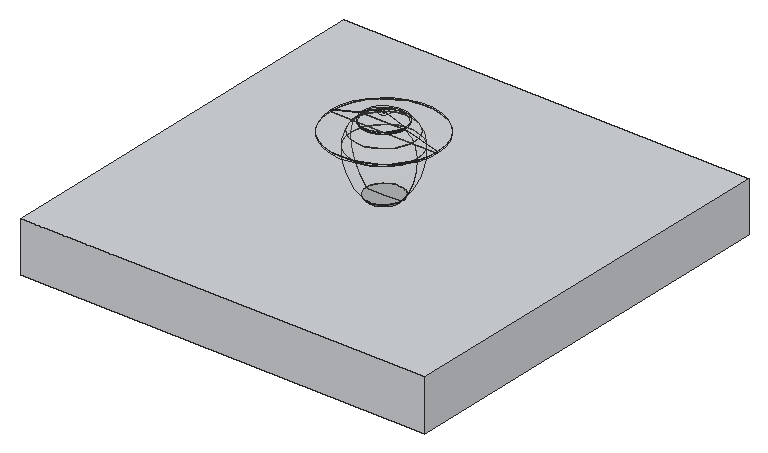
Revit family "GALAD Дон Кихот LED", category Осветительные приборы, Revit 2018
Family settings
  Основа = Грань
  Размер круглого соединителя = Использовать диаметр
  Тип детали = Нормальный
  При загрузке вырезать с полостями = Нет
  Источник света = Да
  Общий = Нет
  Точка расчета площади = Нет
Parameters
  built-in parameter 1150104 = 13.8 (stored number, unit not read)
  Частота = "50"  # constant formula
  Цветопередача = 80  # constant formula
  built-in parameter 1150134 = 2
  Файл фотометрической сетки = "GALAD DonKihot(3700-750-RAL7040-D-0-GEN1).ies"
  Угол наклона = 90.00°
  Тип устройства управления светодиодами = "Без управления"  # constant formula
  Тип продукции = "Светильник"  # constant formula
  Тип монтажной поверхности = "Торшер"  # constant formula
  Тип источника света = "LED"  # constant formula
  Тип ПРА = "ЭПРА"  # constant formula
  Тип КСС = 0  # constant formula
  Срок службы = "12 лет"  # constant formula
  built-in parameter 1150137 = (empty or 0)
  built-in parameter 1150132 = 2
  built-in parameter 1150114 = 1 (stored number, unit not read)
  Снижение светового потока во время разгорания = "не более 6%"  # constant formula
  Dimming Lamp Color Temperature Shift = (empty or 0)
  built-in parameter 1150105 = 85.285 (stored number, unit not read)
  Color Filter = 16777215
  Lumens = 3700 lm
  Световая отдача = 93  # constant formula
  Рассеиватель [instance] = Ударопрочный поликарбонат
  built-in parameter 1150109 = 1 (stored number, unit not read)
  built-in parameter 1150112 = 1 (stored number, unit not read)
  built-in parameter 1150110 = 1 (stored number, unit not read)
  built-in parameter 1150113 = 1 (stored number, unit not read)
  built-in parameter 1150115 = 1 (stored number, unit not read)
  built-in parameter 1114218 = 1 (stored number, unit not read)
  built-in parameter 1114217 = 1 (stored number, unit not read)
  Apparent Load = ADSK_Номинальная мощность / ADSK_Коэффициент мощности  # 41.6667 VA
  Default Elevation = 0 mm
  built-in parameter 1150106 = 0.85285 (stored number, unit not read)
  Описание = "Классическая, привычная всем, форма светильника в современном светодиодном исполнении. Такие светильники освещают парки, скверы, бульвары, а иногда даже и улицы каждого российского города. Цельнолитое основание обеспечивает оптимальный теплоотвод, а антивандальный рассеиватель из ударопрочного светостабилизированного поликарбоната лучше сохраняет свой внешний вид и оптические свойства, по сравнению с обычным поликарбонатом."
  Область использования = "Садово-парковое освещение"  # constant formula
  built-in parameter 1150142 = "IESNA:LM-63-1995\r\n[TEST] Протокол №389R/15\r\n[DATA] 22.12.2015\r\n[MORE] Измерение ИЦ ВНИСИ, гониофотометр RIGO-801, ДРА \r\n[MANUFAC] GALAD \r\n[LUMCAT]  \r\n[LUMINAIRE] GALAD Дон Кихот LED-40-С??/Т60 (3700/750/RAL7040/D/0/GEN1)\r\n[LAMPCAT]\r\n[LAMP] СД  41 Вт\r\nTILT=NONE\r\n1    3700 3.7 73 1 1 2 0.65 0.65 0.456\r\n1.0 1.0 41\r\n0.0 2.5 5.0 7.5 10.0 12.5 15.0 17.5 20.0 22.5 25.0 27.5 30.0 32.5 35.0 37.5 40.0 42.5 45.0 47.5 50.0 52.5 55.0 57.5 60.0 62.5 65.0 67.5 70.0 72.5 75.0 77.5 80.0 82.5 85.0 87.5 90.0 92.5 95.0 97.5 100.0 102.5 105.0 107.5 110.0 112.5 115.0 117.5 120.0 122.5 125.0 127.5 130.0 132.5 135.0 137.5 140.0 142.5 145.0 147.5 150.0 152.5 155.0 157.5 160.0 162.5 165.0 167.5 170.0 172.5 175.0 177.5 180.0\r\n0.0\r\n78.0 77.8 83.6 90.0 97.3 104.6 110.5 114.3 116.3 117.7 118.8 119.7 120.6 121.3 122.0 122.9 124.0 125.0 125.9 126.8 127.5 128.0 128.4 128.6 128.4 128.0 127.1 125.7 123.7 120.9 117.5 113.7 109.6 105.8 102.2 98.3 93.5 89.3 85.6 81.8 77.6 72.9 68.5 64.3 59.7 54.6 49.8 45.3 40.6 35.5 30.7 26.3 21.8 17.1 12.8 9.1 5.8 2.8 0.8 0.1 0.0 0.0 0.0 0.0 0.0 0.0 0.0 0.0 0.0 0.0 0.0 0.0 0.0\r\n78.0 77.8 83.6 90.0 97.3 104.6 110.5 114.3 116.3 117.7 118.8 119.7 120.6 121.3 122.0 122.9 124.0 125.0 125.9 126.8 127.5 128.0 128.4 128.6 128.4 128.0 127.1 125.7 123.7 120.9 117.5 113.7 109.6 105.8 102.2 98.3 93.5 89.3 85.6 81.8 77.6 72.9 68.5 64.3 59.7 54.6 49.8 45.3 40.6 35.5 30.7 26.3 21.8 17.1 12.8 9.1 5.8 2.8 0.8 0.1 0.0 0.0 0.0 0.0 0.0 0.0 0.0 0.0 0.0 0.0 0.0 0.0 0.0\r\n"
  built-in parameter 1150133 = 10 (stored number, unit not read)
  Wattage = 24.9088 W
  Коэффициент пульсации = "менее 10%"  # constant formula
  built-in parameter 1150139 = (empty or 0)
  Корпус [instance] = Литой алюминий
  Код по ETIM = 0
  Климатическое исполнение = " -40…40 °С"  # constant formula
  Климатическая зона = "У1"  # constant formula
  Класс светораспределения = "Р"  # constant formula
  Класс защиты от поражения электрическим током = "1"  # constant formula
  Класс Защиты = "1"  # constant formula
  built-in parameter 1150138 = (empty or 0)
  built-in parameter 1150107 = 5000 (stored number, unit not read)
  built-in parameter 1150102 = (empty or 0)
  Изготовитель = "Лихославльский завод Светотехника"  # constant formula
  Диапазон цветовой температуры = "5028±283"  # constant formula
  Группа модели = "Светильники"  # constant formula
  Возможный угол наклона = "0"  # constant formula
  Блок аварийного питания = 1 = 0  # no
  URL = "https://galad.ru/catalog/outdoor/park/don-kihot-led/"
  IP = "54"  # constant formula
  ADSK_Энергоэффективность = 93 lm/W  # constant formula
  ADSK_Ток = ADSK_Номинальная мощность / (ADSK_Коэффициент мощности * ADSK_Напряжение * sqrt(ADSK_Количество фаз))  # 0.181159 A
  ADSK_Размер_Ширина = 650 mm  # constant formula
  ADSK_Размер_Длина = 650 mm  # constant formula
  ADSK_Размер_Высота = 566 mm  # constant formula
  ADSK_Примечание = ""
  ADSK_Полная мощность = ADSK_Номинальная мощность / ADSK_Коэффициент мощности  # 41.6667 VA
  ADSK_Позиция [instance] = ""
  ADSK_Обозначение = "ГОСТ 54350, ГОСТ 12.2.007.0, ГОСТ 17516.1, ГОСТ 15150"  # constant formula
  ADSK_Номинальная мощность = 40 W  # constant formula
  ADSK_Напряжение = 230 V  # constant formula
  ADSK_Наименование краткое = "GALAD Дон Кихот LED-40"  # constant formula
  ADSK_Наименование = "GALAD Дон Кихот LED-40-СПШ/Т60 (3700/750/RAL7040/D/0/GEN1)"  # constant formula
  ADSK_Материал наименование = ""
  ADSK_Масса_Текст = "4.2"  # constant formula
  ADSK_Масса = 4.2  # constant formula
  ADSK_Марка = ADSK_Наименование  # "GALAD Дон Кихот LED-40-СПШ/Т60 (3700/750/RAL7040/D/0/GEN1)"
  ADSK_Коэффициент мощности = 0.96  # constant formula
  ADSK_Количество фаз = 1  # constant formula
  ADSK_Количество = 1  # constant formula
  ADSK_Код изделия = "13842"  # constant formula
  ADSK_Классификация нагрузок = Освещение
  ADSK_Завод-изготовитель = Изготовитель  # "Лихославльский завод Светотехника"
  ADSK_Единица измерения = "шт."  # constant formula
  ADSK_Группирование [instance] = ""
  ADSK_Версия семейства = "1.01"  # constant formula
  ADSK_Версия Revit = "2018"  # constant formula
Reference planes
  plane 1 "По центру (Вперед/Назад)": y = 0
  plane 2: z = 0
  plane 3 "По центру (Влево/Вправо)": x = 0
  plane 4: z = 489
  plane 5: x = 325
  plane 6: x = -325
  plane 7: y = -325
  plane 8: y = 325
  plane 9: z = 23
  plane 10: z = -77
Forms (mm)
  Extrusion 1, solid
    sketch origin (0, 0, 0) x (1, 0, 0) y (0, 1, 0)
      loop
        line (-1219.2, 1219.2) -> (-1219.2, -1219.2) -> (1219.2, -1219.2) -> (1219.2, 1219.2) -> (-1219.2, 1219.2)
    from 0 to -304.8
  Revolve 2, solid, material "Ударопрочный поликарбонат" <- "Рассеиватель", detail levels fine
    sketch origin (0, 0, 0) x (1, 0, 0) y (0, 0, 1)
      loop
        line (0, 23) -> (0, 415.12) -> (-123.519, 415.12)
        arc (-123.519, 415.12) -> (-156.006, 396.32) -> (-179.144, 366.766) r 98.864
        arc (-179.144, 366.766) -> (-195.724, 327.352) -> (-201.072, 284.928) r 157.231
        arc (-201.072, 284.928) -> (-180.545, 144.043) -> (-105.588, 23) r 349.877
        line (-105.588, 23) -> (0, 23)
      axis (0, 23) -> (0, 415.12)
    angle from 0 to 360
  Extrusion 3, solid, material "Литой алюминий" <- "Корпус", detail levels coarse
    sketch origin (0, 0, 0) x (1, 0, 0) y (0, 1, 0)
      loop
        circle (0, 0) r 30
    from -77 to 23
  Revolve 4, solid, material "Ударопрочный поликарбонат" <- "Рассеиватель", detail levels fine
    sketch origin (0, 0, 0) x (1, 0, 0) y (0, 0, 1)
      loop
        line (0, 489) -> (-8.666, 484.905) -> (-3.657, 478.403) -> (-3.657, 474.017) -> (-8.666, 466.734) -> (-8.666, 464.733) -> (-29.614, 464.733) -> (-130.111, 428.79) -> (-130.111, 418.871) -> (-322.844, 364.934) -> (-325, 354.733) -> (0, 354.733) -> (0, 489)
      axis (0, 489) -> (0, 354.733)
    angle from 0 to 360
  Revolve 5, solid, material "Ударопрочный поликарбонат" <- "Рассеиватель", detail levels coarse+medium
    sketch origin (0, 0, 0) x (1, 0, 0) y (0, 0, 1)
      loop
        line (0, 23) -> (0, 489) -> (-325, 354.733) -> (-96.605, 23) -> (0, 23)
      axis (0, 489) -> (0, 23)
    angle from 0 to 360
  Revolve 6, solid, material "Литой алюминий" <- "Корпус", detail levels medium+fine
    sketch origin (0, 0, 0) x (1, 0, 0) y (0, 0, 1)
      loop
        line (0, 23) -> (-106.73, 23)
        arc (-106.73, 23) -> (-92.321, 10.177) -> (-73.761, 4.926) r 43.083
        arc (-73.761, 4.926) -> (-52.479, -21.641) -> (-37.931, -52.415) r 145.925
        line (-37.931, -52.415) -> (-36.642, -77) -> (0, -77) -> (0, 23)
      axis (0, -77) -> (0, 23)
    angle from 0 to 360
Dimensions and locks
  equal spacing: plane 6, plane 3 "По центру (Влево/Вправо)", plane 5
  "ADSK_Размер_Ширина": plane 6 to plane 5
  equal spacing: plane 7, plane 1 "По центру (Вперед/Назад)", plane 8
  "ADSK_Размер_Длина": plane 7 to plane 8
  locked: plane 9 to plane 2 at 23
  locked: plane 10 to plane 2 at 77
  "ADSK_Размер_Высота": plane 4 to plane 10
  aligned and locked: plane 2 to Extrusion 1
  aligned and locked: level to Extrusion 1
  aligned and locked: plane 3 "По центру (Влево/Вправо)" to Revolve 2 sketch curve
  aligned and locked: plane 9 to Extrusion 3
  aligned and locked: Extrusion 3 to plane 10
  aligned and locked: Revolve 4 sketch curve to plane 3 "По центру (Влево/Вправо)"
  aligned and locked: Revolve 5 sketch curve to plane 3 "По центру (Влево/Вправо)"
  aligned and locked: plane 3 "По центру (Влево/Вправо)" to Revolve 6 sketch curve
Automatic sketch dimensions
  Extrusion 1 sketch curve to Extrusion 1 sketch curve = 2438.4 mm  (x2)
  plane 1 "По центру (Вперед/Назад)" to Extrusion 3 sketch curve = 0 mm
  Extrusion 3 sketch curve to plane 3 "По центру (Влево/Вправо)" = 0 mm
  Revolve 2 sketch curve to plane 9 = 0 mm
  Revolve 2 sketch curve to plane 3 "По центру (Влево/Вправо)" = 0 mm
  Revolve 2 sketch curve to plane 3 "По центру (Влево/Вправо)" = 43.851 mm
  Revolve 2 sketch curve to Revolve 2 sketch curve = 47.294 mm
  Revolve 2 sketch curve to Revolve 2 sketch curve = 105.588 mm
  plane 3 "По центру (Влево/Вправо)" to Revolve 2 sketch curve = 148.171 mm
  Revolve 2 sketch curve to Revolve 2 sketch curve = 22.783 mm
  Revolve 2 sketch curve to Revolve 2 sketch curve = 35.049 mm
  Revolve 2 sketch curve to Revolve 2 sketch curve = 32.374 mm
  Revolve 2 sketch curve to Revolve 2 sketch curve = 55.625 mm
  Revolve 2 sketch curve to Revolve 2 sketch curve = 21.928 mm
  Revolve 2 sketch curve to plane 4 = 73.88 mm
  Revolve 2 sketch curve to Revolve 2 sketch curve = 251.04 mm
  Revolve 2 sketch curve to Revolve 2 sketch curve = 70 mm
  plane 6 to Revolve 4 sketch curve = 0 mm
  Revolve 4 sketch curve to plane 3 "По центру (Влево/Вправо)" = 0 mm
  Revolve 4 sketch curve to plane 4 = 0 mm
  Revolve 4 sketch curve to plane 6 = 2.156 mm
  Revolve 4 sketch curve to plane 4 = 60.21 mm
  Revolve 4 sketch curve to plane 3 "По центру (Влево/Вправо)" = 130.111 mm
  Revolve 4 sketch curve to plane 3 "По центру (Влево/Вправо)" = 29.614 mm
  Revolve 4 sketch curve to plane 3 "По центру (Влево/Вправо)" = 8.666 mm  (x2)
  Revolve 4 sketch curve to plane 4 = 4.095 mm
  Revolve 4 sketch curve to plane 3 "По центру (Влево/Вправо)" = 3.657 mm
  Revolve 4 sketch curve to Revolve 4 sketch curve = 9.919 mm
  Revolve 4 sketch curve to plane 4 = 124.066 mm
  Revolve 4 sketch curve to Revolve 4 sketch curve = 130.172 mm
  Revolve 4 sketch curve to Revolve 4 sketch curve = 20.172 mm
  Revolve 4 sketch curve to Revolve 4 sketch curve = 2 mm
  Revolve 4 sketch curve to Revolve 4 sketch curve = 7.284 mm
  Revolve 4 sketch curve to Revolve 4 sketch curve = 4.386 mm
  Revolve 4 sketch curve to Revolve 4 sketch curve = 95 mm
  Revolve 4 sketch curve to Revolve 4 sketch curve = 190 mm
  plane 6 to Revolve 5 sketch curve = 0 mm
  Revolve 5 sketch curve to plane 9 = 0 mm  (x2)
  Revolve 5 sketch curve to plane 3 "По центру (Влево/Вправо)" = 0 mm
  Revolve 5 sketch curve to plane 4 = 0 mm
  Revolve 5 sketch curve to plane 3 "По центру (Влево/Вправо)" = 96.605 mm
  Revolve 5 sketch curve to plane 4 = 134.267 mm
  plane 9 to Revolve 5 sketch curve = 110 mm
  Revolve 5 sketch curve to Revolve 5 sketch curve = 85 mm
  Revolve 6 sketch curve to plane 9 = 0 mm
  Revolve 6 sketch curve to plane 10 = 0 mm
  Revolve 6 sketch curve to plane 3 "По центру (Влево/Вправо)" = 0 mm
  Revolve 6 sketch curve to Revolve 6 sketch curve = 36.642 mm
  Revolve 6 sketch curve to Revolve 6 sketch curve = 1.288 mm
  plane 9 to Revolve 6 sketch curve = 24.956 mm
  Revolve 6 sketch curve to plane 3 "По центру (Влево/Вправо)" = 71.61 mm
  Revolve 6 sketch curve to plane 10 = 21.969 mm
  plane 10 to Revolve 6 sketch curve = 24.585 mm
  level to Revolve 6 sketch curve = 4.926 mm
  Revolve 6 sketch curve to Revolve 6 sketch curve = 2.151 mm
  Revolve 6 sketch curve to Revolve 6 sketch curve = 35 mm
  Revolve 6 sketch curve to Revolve 6 sketch curve = 45 mm
  radius of Extrusion 3 sketch curve = 30 mm
Connectors
  electrical at (0, 0, -77), driven by "ADSK_Количество фаз", driven by "ADSK_Классификация нагрузок", driven by "ADSK_Напряжение", driven by "ADSK_Полная мощность", driven by "ADSK_Коэффициент мощности"
    settings: on Extrusion 3, index 1, voltage 230 V, apparent load 41.6667 VA, apparent load phase1 0 VA, apparent load phase2 0 VA, apparent load phase3 0 VA, power factor 0.96, load classification "Освещение", number of poles 1, system type 30, power factor state 1, is connector primary yes, connector utility no, sub classification motor no, connector description ""
